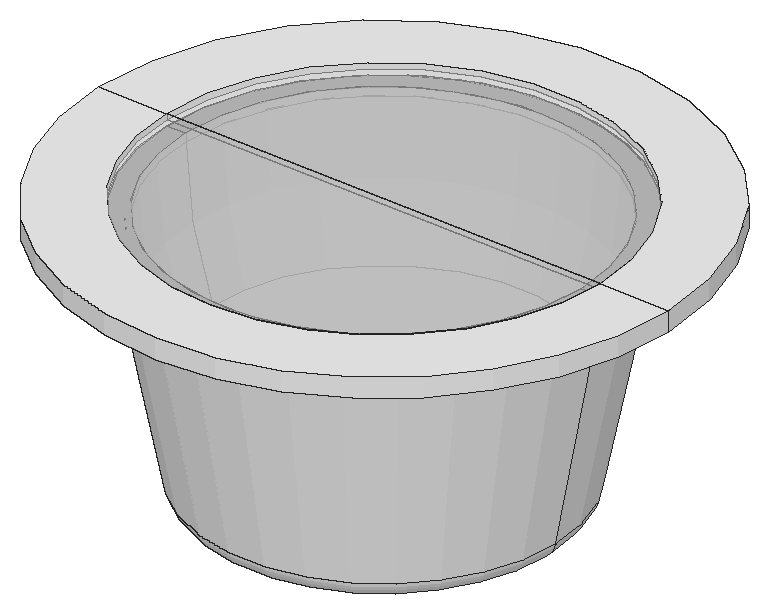
Revit family "2060571+2028036 Sylvania Lighting Fixture ASCENT 100 II ARCH 3600 3K STD EMG 160 with IP44 Frost Glass", category Lighting Fixtures, host Face, Revit 2016
Family settings
  Host = Face
  Part Type = Normal
  Round Connector Dimension = Use Diameter
  OmniClass Number = 23.80.70.11.17
  OmniClass Title = Specialized Lighting by Location or Use
  Cut with Voids When Loaded = No
  Light Source = Yes
  Shared = No
  Room Calculation Point = No
Parameters (values of type "2060571+2028036 ASCT100 II ARCH 3600 3K STD EMG 160 with IP44 Frost Glass Emergency mode")
  WidthBezelAcc_SYL = 25.0 mm
  Weight = "1.92 kg"
  Wattage = 1.61261 W
  WarrantyStartDate [instance] = "n/a"
  WarrantyGuarantorParts = "n/a"
  WarrantyDurationUnit = "n/a"
  WarrantyDurationParts = "n/a"
  WarrantyDescription = "n/a"
  built-in parameter 1150110 = 1 (stored number, unit not read)
  Voltage = 0 V
  VisibilityAccessory_SYL = yes
  TypeName = "ASCT100 II ARCH 3600 3K STD EMG 160 with IP44 Frost Glass Emergency mode"
  built-in parameter 1114217 = 1 (stored number, unit not read)
  Tilt Angle = -90°
  built-in parameter 1150109 = 1 (stored number, unit not read)
  built-in parameter 1150134 = (empty or 0)
  built-in parameter 1150113 = 1 (stored number, unit not read)
  SerialNumber [instance] = "n/a"
  ReflectorRadius_SYL = Radius_SYL - 14.5 mm  # 80.0 mm
  RadiusAcc_SYL = 105.0 mm
  Radius_SYL = 94.5 mm
  URL = "http://www.sylvania-lighting.com"
  PowerFactor = 0
  PowerConsumption = "32 W"
  Photometric Web File = "2060571EM.ies"
  NominalWidth = 0.0 mm
  NominalLength = 0.0 mm
  NominalHeight = 94.0 mm
  Name = "ASCT100 II ARCH 3600 3K STD EMG 160 with IP44 Frost Glass Emergency mode"
  ModelReference = "ASCT100 II ARCH 3600 3K STD EMG 160 with IP44 Frost Glass Emergency mode"
  ModelNumber = "2060571+2028036"
  Material_4_SYL = none
  Material_3_SYL = Polycarbonate_Sylvania_Ascent_Clear
  Material_2_SYL = Aluminium_Sylvania_Ascent_Silver
  Material_1_SYL = Aluminum_Sylvania_Ascent_White
  Material = "aluminium housing, arcylic diffuser"
  ManufacturerName = "Feilo Sylvania"
  LuminousEfficacy = "111 lm/W"
  built-in parameter 1150105 = 14.244 (stored number, unit not read)
  Lumens = 179 lm
  LuminaireType = ""
  built-in parameter 1150115 = 1 (stored number, unit not read)
  LightOutputRatio = "100"
  built-in parameter 1150137 = (empty or 0)
  built-in parameter 1150139 = (empty or 0)
  LampsType = Lamp  # "LED"
  LampNominalLuminous = "3548 lm"
  LampMacAdamStep = "3"
  LampColourTemperature = "3000 K"
  LampColourRenderingIndex = "80"
  built-in parameter 1150112 = 1 (stored number, unit not read)
  built-in parameter 1150114 = 1 (stored number, unit not read)
  Keynote = "16500"
  InstallationDate [instance] = "n/a"
  InputVoltage = "n/a"
  InputNominalFrequency = "n/a"
  built-in parameter 1150132 = (empty or 0)
  built-in parameter 1150102 = (empty or 0)
  built-in parameter 1150107 = 3000 (stored number, unit not read)
  built-in parameter 1150138 = (empty or 0)
  IngressProtection = "IP44"
  ImpactProtectionIndex = "IK02"
  built-in parameter 1150106 = 0.14244 (stored number, unit not read)
  IfcExportType = "IfcLightFixtureType"
  IfcExportAs = "IfcLightFixtureType"
  Height_SYL = 94.0 mm
  HeightAcc_SYL = 7.0 mm
  ExpectedLife = 50000
  EmittionSurface_SYL = if(VisibilityAccessory_SYL, 7.0 mm, 3.0 mm)  # 7.0 mm
  Emit from Circle Diameter = DiffuserRadius_SYL * 2  # 146.0 mm
  Emit Shape Visible in Rendering = no
  ElectricShockClassification = "Class II"
  built-in parameter 1150104 = 10.312 (stored number, unit not read)
  DurationUnit = "hours"
  DocumentationLiterature = "http://www.sylvania-lighting.com/product/en-int/products/2060571"
  DimmingControlOptions = "n/a"
  Dimming Lamp Color Temperature Shift = <None>
  DiffuserRadius_SYL = ReflectorRadius_SYL - 7.0 mm  # 73.0 mm
  Diameter_SYL = 2 * Radius_SYL  # 189.0 mm
  CutoutDiameter_SYL = Diameter_SYL - 13.0 mm  # 176.0 mm
  CreatedOn = "9/17/2018"
  CreatedBy = "@sylvania-lighting.com"
  Color Filter = 16777215
  built-in parameter 1114216 [instance] = 1 (stored number, unit not read)
  Model = "ASCT100 II ARCH 3600 3K STD EMG 160 with IP44 Frost Glass Emergency mode"
  Manufacturer = "Feilo Sylvania"
  Lamp = "LED"
  Description = "Direct LED retro fit for original LED 100 Arch (160) single CFL lamp offering Matching lumen levels and improved light distribution of original LED 100 CFL lamp equivalents Typically half the power consumption compared to CFL Up to 112lm/W 160mm aperture Architectural reflector accepts range of glass accessories from existing LED 100 Arch 160 offering HE, HO and VHO versions equivalent of single 1 x 18W, 1 x 32W, 1 x 42W\r\n Additional VVHO versions which offer the performance circa 2 x 32W equivalent"  # constant formula
  Default Elevation = 0.0 mm
  built-in parameter 1140040 [instance] = 1
  BarCode [instance] = "n/a"
  built-in parameter 1114218 = 1 (stored number, unit not read)
  built-in parameter 1150133 = 10 (stored number, unit not read)
  AssetType = "Fixed"
  AssetIdentifier [instance] = "n/a"
  Assembly Code = "D5020200"
  Apparent Load = 1.61261 VA
  Aperture_SYL = 2 * ReflectorRadius_SYL  # 160.0 mm
Types (2, lengths in mm): name | Wattage | TypeName | Photometric Web File | Name | ModelReference | Material_3_SYL | built-in parameter 1150105 | Lumens | built-in parameter 1150106 | Model | Apparent Load
  2060571+2028036 ASCT100 II ARCH 3600 3K STD EMG 160 with IP44 Frost Glass Emergency mode | 1.61261 W | "ASCT100 II ARCH 3600 3K STD EMG 160 with IP44 Frost Glass Emergency mode" | "2060571EM.ies" | "ASCT100 II ARCH 3600 3K STD EMG 160 with IP44 Frost Glass Emergency mode" | "ASCT100 II ARCH 3600 3K STD EMG 160 with IP44 Frost Glass Emergency mode" | Polycarbonate_Sylvania_Ascent_Clear | 14.244 (stored number, unit not read) | 179 lm | 0.14244 (stored number, unit not read) | "ASCT100 II ARCH 3600 3K STD EMG 160 with IP44 Frost Glass Emergency mode" | 1.61261 VA
  2060571+2028036 ASCT100 II ARCH 3600 3K STD EMG 160 with IP44 Frost Glass | 32 W | "ASCENT 100 II ARCH 3600 3K STD EMG 160 with IP44 Frost Glass" | "2060571.ies" | "ASCENT 100 II ARCH 3600 3K STD EMG 160 with IP44 Frost Glass" | "ASCENT 100 II ARCH 3600 3K STD EMG 160 with IP44 Frost Glass" | Polycarbonate_Sylvania_Ascent_Opal | 282.66 (stored number, unit not read) | 3552 lm | 2.8266 (stored number, unit not read) | "ASCENT 100 II ARCH 3600 3K STD EMG 160 with IP44 Frost Glass" | 32 VA
Reference planes
  plane 1 "Center (Front/Back)": y = 0
  plane 2: z = 0
  plane 3 "Center (Left/Right)": x = 0
  plane 4 "Fixture Bottom": z = 3
  plane 5: z = -52.5
  plane 6 "Fixture Top": z = -91
  plane 7: x = -105
  plane 8: z = 7
  plane 9: x = -80
  plane 10: z = 5
  plane 11: x = -103
Forms (mm)
  Extrusion 1, solid, material "Aluminum_Sylvania_Ascent_White", detail levels fine
    sketch origin (0, 0, 0) x (1, 0, 0) y (0, 1, 0)
      loop
        circle (0, 0) r 94.5
      loop
        circle (0, 0) r 80
    from 0 to 3
  Extrusion 2, void
    sketch origin (0, 0, 0) x (1, 0, 0) y (0, 1, 0)
      loop
        circle (0, 0) r 88
    from -91 to 3
  Revolve 3, solid, material "Aluminum_Sylvania_Ascent_White" <- "Material_1_SYL", detail levels fine
    sketch origin (0, 0, 0) x (1, 0, 0) y (0, 0, 1)
      loop
        line (0, -91.073) -> (0, -89.023) -> (-55.468, -89.014)
        arc (-55.468, -89.014) -> (-59.352, -87.613) -> (-61.54, -84.139) r 6.307
        line (-61.54, -84.139) -> (-77.991, -2.844) -> (-77.991, 0) -> (-80, 0) -> (-80, -3) -> (-63.5, -84.536)
        arc (-63.5, -84.536) -> (-60.643, -89.203) -> (-55.5, -91.073) r 8.291
        line (-55.5, -91.073) -> (0, -91.073)
      axis (0, 0) -> (0, -91.073)
    angle from 0 to 360
  Revolve 4, solid, material "Aluminium_Sylvania_Ascent_Silver" <- "Material_2_SYL", detail levels fine
    sketch origin (0, 0, 0) x (1, 0, 0) y (0, 0, 1)
      loop
        line (-80, 3) -> (-80, 0) -> (-75, 0)
        arc (-75, 0) -> (-72.349, -26.77) -> (-64.5, -52.5) r 136.5
        line (-64.5, -52.5) -> (-58, -52.5)
        arc (-58, -52.5) -> (-56.857, -61.521) -> (-53.5, -69.971) r 36.166
        line (-53.5, -69.971) -> (0, -69.971) -> (0, -50.5) -> (-63.16, -50.5)
        arc (-63.16, -50.5) -> (-70.517, -25.725) -> (-73, 0) r 134.5
        line (-73, 0) -> (-73, 3) -> (-80, 3)
      axis (0, 3) -> (0, -69.971)
    angle from 0 to 360
  Extrusion 5, solid, material "Polycarbonate_Sylvania_Ascent_Clear" <- "Material_3_SYL", detail levels fine
    sketch origin (0, 0, 0) x (1, 0, 0) y (0, 1, 0)
      loop
        circle (0, 0) r 73
    from 0 to 3
  Revolve 6, solid, material "Aluminum_Sylvania_Ascent_White" <- "Material_1_SYL", detail levels coarse+medium
    sketch origin (0, 0, 0) x (1, 0, 0) y (0, 0, 1)
      loop
        line (0, -91.073) -> (0, 3) -> (-94.5, 3) -> (-94.5, 0) -> (-79.5, 0) -> (-79.5, -3) -> (-63, -84.536)
        arc (-63, -84.536) -> (-60.143, -89.203) -> (-55, -91.073) r 8.291
        line (-55, -91.073) -> (0, -91.073)
      axis (0, 3) -> (0, -91.073)
    angle from 0 to 360
  Revolve 7, solid, material "Aluminum_Sylvania_Ascent_White" <- "Material_1_SYL", visible <- "VisibilityAccessory_SYL"
    sketch origin (0, 0, 0) x (1, 0, 0) y (0, 0, 1)
      loop
        line (-105, 0) -> (-103, 0) -> (-103, 5) -> (-80, 5) -> (-80, 7) -> (-105, 7) -> (-105, 0)
      axis (0, 7) -> (0, 0)
    angle from 0 to 360
  Revolve 8, solid, material "Polycarbonate_Sylvania_Ascent_Clear" <- "Material_3_SYL", visible <- "VisibilityAccessory_SYL"
    sketch origin (0, 0, 0) x (1, 0, 0) y (0, 0, 1)
      loop
        line (-80, 7) -> (-80, 5) -> (0, 5) -> (0, 7) -> (-80, 7)
      axis (0, 7) -> (0, 5)
    angle from 0 to 360
Lines and regions (mm)
  reference lines
    curve 1: line (-150, 0, 7) -> (125, 0, 7)
Dimensions and locks
  locked: plane 4 "Fixture Bottom" to plane 2 at 3
  "Height_SYL": plane 4 "Fixture Bottom" to plane 6 "Fixture Top"
  "ReflectorRadius_SYL": plane 3 "Center (Left/Right)" to Revolve 4 sketch curve
  locked: Revolve 4 sketch curve to Revolve 4 sketch curve at 15.5
  locked: Revolve 4 sketch curve to Revolve 4 sketch curve at 5
  locked: Revolve 4 sketch curve to Revolve 4 sketch curve at 7
  locked: Revolve 4 sketch curve to Revolve 4 sketch curve at 22
  locked: Revolve 4 sketch curve to Revolve 4 sketch curve at 26.5
  locked: Revolve 3 sketch curve to Revolve 3 sketch curve at 16.5
  locked: Revolve 3 sketch curve to Revolve 3 sketch curve at 24.5
  "ReflectorRadius_SYL": Revolve 3 sketch curve to plane 3 "Center (Left/Right)"
  locked: Revolve 3 sketch curve to plane 6 "Fixture Top" at 6.464
  locked: plane 2 to Revolve 3 sketch curve at 3
  locked: Revolve 3 sketch curve to Revolve 3 sketch curve at 2
  locked: Revolve 3 sketch curve to Revolve 3 sketch curve at 2.009
  locked: plane 2 to plane 5 at 52.5
  locked: Revolve 6 sketch curve to Revolve 6 sketch curve at 31.5
  locked: Revolve 6 sketch curve to Revolve 6 sketch curve at 39.5
  locked: Revolve 6 sketch curve to Revolve 6 sketch curve at 15
  "Radius_SYL": plane 3 "Center (Left/Right)" to Revolve 6 sketch curve
  "RadiusAcc_SYL": plane 3 "Center (Left/Right)" to plane 7
  "HeightAcc_SYL": plane 8 to level
  "WidthBezelAcc_SYL": plane 7 to plane 9
  locked: plane 7 to plane 11 at 2
  locked: plane 8 to plane 10 at 2
  "EmittionSurface_SYL": curve 1 to level
  "CutoutDiameter_SYL": diameter of Extrusion 2 sketch curve
  "ReflectorRadius_SYL": radius of Extrusion 1 sketch curve
  "DiffuserRadius_SYL": radius of Extrusion 5 sketch curve
  "Radius_SYL": radius of Extrusion 1 sketch curve
  aligned and locked: host face to plane 2
  aligned and locked: host face to level
  aligned and locked: plane 4 "Fixture Bottom" to Extrusion 1
  aligned and locked: Extrusion 1 to plane 2
  aligned and locked: Revolve 3 sketch curve to plane 3 "Center (Left/Right)"
  aligned and locked: Revolve 4 sketch curve to plane 3 "Center (Left/Right)"  (x2)
  aligned and locked: plane 4 "Fixture Bottom" to Revolve 4 sketch curve
  aligned and locked: Extrusion 5 to plane 2
  aligned and locked: plane 2 to Revolve 3 sketch curve  (x2)
  aligned and locked: Revolve 6 sketch curve to plane 3 "Center (Left/Right)"
  aligned and locked: plane 6 "Fixture Top" to Extrusion 2
  aligned and locked: Revolve 7 sketch curve to plane 3 "Center (Left/Right)"
  aligned and locked: host face to Revolve 7 sketch curve  (x2)
  aligned and locked: Revolve 7 sketch curve to plane 7
  aligned and locked: plane 8 to Revolve 7 sketch curve
  aligned and locked: plane 9 to Revolve 7 sketch curve
  aligned and locked: Revolve 7 sketch curve to plane 10
  aligned and locked: plane 11 to Revolve 7 sketch curve
  aligned and locked: Revolve 7 to Revolve 8 sketch curve
  aligned and locked: Revolve 8 sketch curve to Revolve 7  (x2)
  aligned and locked: Revolve 8 sketch curve to plane 3 "Center (Left/Right)"  (x2)
  aligned and locked: plane 3 "Center (Left/Right)" to imposter light
  aligned and locked: imposter light to plane 1 "Center (Front/Back)"
  aligned and locked: imposter light to curve 1
Automatic sketch dimensions
  plane 1 "Center (Front/Back)" to Extrusion 2 sketch curve = 0.0 mm
  Extrusion 2 sketch curve to plane 3 "Center (Left/Right)" = 0.0 mm
  Extrusion 1 sketch curve to Extrusion 1 sketch curve = 0.0 mm  (x2)
  plane 1 "Center (Front/Back)" to Extrusion 1 sketch curve = 0.0 mm
  Extrusion 1 sketch curve to plane 3 "Center (Left/Right)" = 0.0 mm
  plane 6 "Fixture Top" to Revolve 3 sketch curve = 0.073 mm
  Revolve 3 sketch curve to plane 6 "Fixture Top" = 6.861 mm
  Revolve 3 sketch curve to Revolve 3 sketch curve = 0.003 mm
  Revolve 3 sketch curve to Revolve 3 sketch curve = 0.009 mm  (x2)
  Revolve 3 sketch curve to Revolve 3 sketch curve = 0.023 mm
  Revolve 3 sketch curve to Revolve 3 sketch curve = 0.072 mm
  Revolve 3 sketch curve to Revolve 3 sketch curve = 0.008 mm
  Revolve 3 sketch curve to plane 6 "Fixture Top" = 1.977 mm
  Revolve 3 sketch curve to Revolve 3 sketch curve = 33.496 mm
  Revolve 3 sketch curve to Revolve 3 sketch curve = 0.028 mm
  plane 4 "Fixture Bottom" to Revolve 3 sketch curve = 82.431 mm
  Revolve 4 sketch curve to Revolve 4 sketch curve = 0.0 mm  (x2)
  Revolve 4 sketch curve to plane 5 = 0.0 mm
  Revolve 4 sketch curve to level = 0.0 mm
  plane 5 to Revolve 4 sketch curve = 2.0 mm
  plane 4 "Fixture Bottom" to Revolve 4 sketch curve = 9.642 mm
  plane 1 "Center (Front/Back)" to Extrusion 5 sketch curve = 0.0 mm
  Extrusion 5 sketch curve to plane 3 "Center (Left/Right)" = 0.0 mm
  Revolve 4 sketch curve to level = 69.971 mm
  Revolve 4 sketch curve to Revolve 4 sketch curve = 2.387 mm
  Revolve 6 sketch curve to level = 0.0 mm
  Revolve 6 sketch curve to plane 3 "Center (Left/Right)" = 0.0 mm
  Revolve 6 sketch curve to Revolve 6 sketch curve = 8.104 mm
  Revolve 6 sketch curve to level = 3.0 mm
  Revolve 6 sketch curve to plane 6 "Fixture Top" = 6.464 mm
  plane 6 "Fixture Top" to Revolve 6 sketch curve = 0.073 mm
  Revolve 6 sketch curve to Revolve 6 sketch curve = 33.496 mm
  plane 4 "Fixture Bottom" to Revolve 6 sketch curve = 82.431 mm
  host sketch curve to host sketch curve = 1704.996 mm
  host sketch curve to host sketch curve = 1500.0 mm
  plane 6 "Fixture Top" to Revolve 7 sketch curve = 281.274 mm
  Revolve 7 sketch curve to plane 8 = 1140.706 mm
  plane 6 "Fixture Top" to Revolve 8 sketch curve = 281.274 mm
  Revolve 8 sketch curve to Revolve 8 sketch curve = 1140.706 mm
  Revolve 3 sketch curve to plane 3 "Center (Left/Right)" = 0.0 mm
  Revolve 6 sketch curve to plane 4 "Fixture Bottom" = 0.0 mm
  plane 7 to curve 1 = 45.0 mm
  plane 3 "Center (Left/Right)" to curve 1 = 125.0 mm
Connectors
  electrical at (0, 0, -91.073), driven by "Apparent Load"
    settings: on Revolve 3, index 1, voltage 240 V, apparent load 0 VA, apparent load phase1 1.61261 VA, apparent load phase2 0 VA, apparent load phase3 0 VA, power factor 1, load classification "Lighting", number of poles 1, system type 31, power factor state 1, is connector primary yes, connector utility no, sub classification motor no, connector description ""
